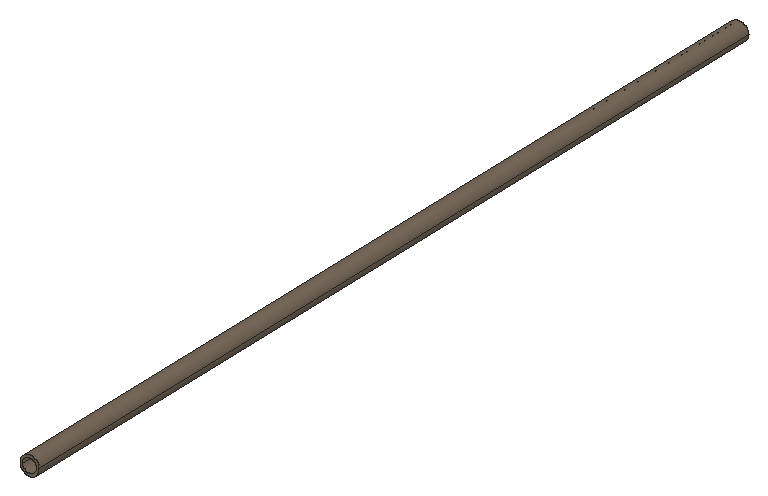
Revit family "111014001021286", category Modelos genéricos, Revit 2018
Family settings
  Puede alojar armadura = No
  Cota de conector redondo = Diámetro de uso
  Tipo de pieza = Normal
  Se basa en plano de trabajo = No
  Siempre vertical = No
  Corte con vacíos al cargar = No
  Compartido = No
  Punto de cálculo de habitación = No
Parameters (values of type "BARRA BAÑO REFUERZO ACERO 1.20")
  Ventajas = ""
  Uso = "Se instala en los baños para colgar la cortina de las duchas.\r\nEn el caso de ser instalado en el closet, se utiliza para colgar la ropa"
  Unidad = "Tira 1.20 mts."
  URL = "https://www.empresascnp.cl/"
  Num SKUs = "111014001021286"
  Nombre SKU = "BARRA CLOSET PP C/ACERO 1\" CAFE TIRA 1.2MT"
  Modelo = "BARRA BAÑO REFUERZO ACERO"
  Material = PP con acero cafe
  Url Ficha tecnica = "https://empresascnp.cl/wp-content/uploads//pdf/ficha-tecnica-barra-bano-pp-c-acero-1-blanco-tira-1-2mt.pdf"
  Largo = 1200.00 mm
  Espesor = 0.00 mm
  Empresa = "CNP SPA."
  Dureza = ""
  Dimension = 23.00 mm
  Description = ""
  Contacto = "info@empresascnp.cl"
  Color = "Blanco o Café"
  Aplicacion = "Barra de  cortina para baños y uso en closet."
Reference planes
  plane 1 "Center F/B": y = 0
  plane 2: z = 0
  plane 3 "Center L/R": x = 0
  plane 4: z = 23
  plane 5 "2": y = 600
  plane 6 "3": y = -600
Forms (mm)
  Extrusion 1, solid, material "PP con acero cafe" <- "Material"
    sketch origin (0, 0, 0) x (1, 0, 0) y (0, 0, 1)
      loop
        circle (0, 25.4) r 12.7
      loop
        circle (0, 25.4) r 9.7
    from -600 to 600
Dimensions and locks
  "Dimension": plane 4 to level
  equal spacing: plane 6 "3", plane 1 "Center F/B", plane 5 "2"
  "Largo": plane 6 "3" to plane 5 "2"
  radius of Extrusion 1 sketch curve = 12.70 mm
  aligned and locked: plane 6 "3" to Extrusion 1
  aligned and locked: Extrusion 1 to plane 5 "2"
Automatic sketch dimensions
  Extrusion 1 sketch curve to plane 3 "Center L/R" = 0.00 mm
  level to Extrusion 1 sketch curve = 25.40 mm
  Extrusion 1 sketch curve to Extrusion 1 sketch curve = 0.00 mm  (x2)
  radius of Extrusion 1 sketch curve = 12.70 mm
  radius of Extrusion 1 sketch curve = 9.70 mm
